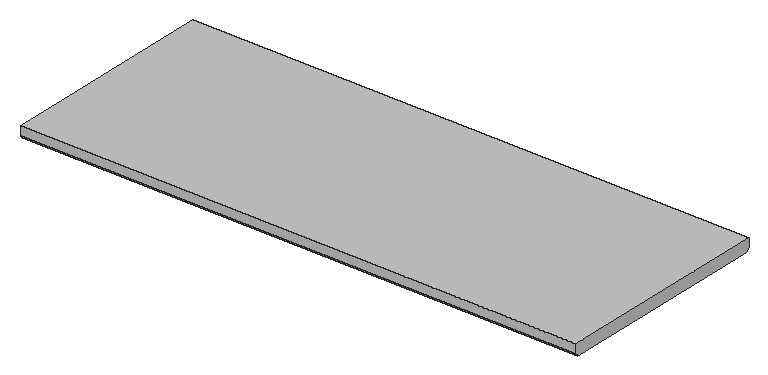
Revit family "QF_ELECTROLUXPROFESSIONAL_121124_TPLA18", category Attrezzature speciali, Revit 2020
Family settings
  Quota connettore circolare = Usa diametro
  Tipo di parte = Normale
  Basato su piano di lavoro = No
  Sempre verticale = Sì
  Taglio con vuoti quando caricato = No
  Condiviso = No
  Punto di calcolo locali = No
Parameters (values of type "Standard")
  Weight = 58.00 kg
  Watts = 0 W
  Volts = 0 V
  URL Manufacturer = "https://www.electroluxprofessional.com/"
  URL = "https://www.electroluxprofessional.com/"
  Steam Supply Size = 0 mm
  Steam Supply Minimum Pressure = 0.0 Pa
  Steam Supply Maximum Pressure = 0.0 Pa
  Steam Consumption per Hour = 0
  Refrigeration Suction Line Size = 0.0 mm
  Refrigeration Liquid Line Size = 0.0 mm
  Refrigerant Compressor Remote = yes
  Prospetto di default = 0.0 mm
  Phase = 0
  Modello = "TPLA18"
  Produttore = "Electrolux Professional"
  Length Actual = 1800.0 mm  # constant formula
  Item Number = "121124"
  Hot Water Size = 0 mm
  Height Actual = 40.0 mm  # constant formula
  HP = "0 HP"
  Gas Size = 0 mm
  Gas KW = 0
  Gas Input Pressure = 0 W
  Direct Waste Size = 0 mm
  Descrizione = "WORK TOP 1800MM"
  Depth Actual = 700.0 mm  # constant formula
  Cycle = 0 Hz
  Condensate Return Size = 0 mm
  Compressed Air Volume = 0.0 L/s
  Compressed Air Size = 0 mm
  Compressed Air Pressure = 0.0 Pa
  Cold Water Size = 0 mm
  Accessory = yes
Reference planes
  plane 1 "Center (Front/Back)": y = 0
  plane 2: z = 0
  plane 3 "Center (Left/Right)": x = -400
  plane 4 "LEFT": x = -1300
  plane 5 "RIGHT": x = 500
  plane 6 "BACK": y = 350
  plane 7 "FRONT": y = -350
  plane 8 "TOP": z = 860
  plane 9 "BaseTop": z = 900
Forms (mm)
  Extrusion 1, solid, material "QF_Finishes_Stainless Steel"
    sketch origin (-400, 0, 0) x (0, 1, 0) y (0, 0, 1)
      loop
        line (-350, 900) -> (-350, 870) -> (-340, 860) -> (340, 860) -> (350, 870) -> (350, 900) -> (-350, 900)
    from 900 to -900
Lines and regions (mm)
  symbolic lines
    curve 1: line (500, 350, 860) -> (-1300, 350, 860)
    curve 2: line (-1300, 350, 860) -> (-1300, -350, 860)
    curve 3: line (-1300, -350, 860) -> (500, -350, 860)
    curve 4: line (500, -350, 860) -> (500, 350, 860)
Dimensions and locks
  plane 4 "LEFT" to plane 5 "RIGHT" = 1800.0 mm
  equal spacing: plane 4 "LEFT", plane 3 "Center (Left/Right)", plane 5 "RIGHT"
  plane 6 "BACK" to plane 7 "FRONT" = 700.0 mm
  equal spacing: plane 6 "BACK", plane 1 "Center (Front/Back)", plane 7 "FRONT"
  locked: plane 9 "BaseTop" to plane 8 "TOP" at 40
  plane 8 "TOP" to level = 860.0 mm
  aligned and locked: level to plane 2
  aligned and locked: Extrusion 1 to plane 4 "LEFT"
  aligned and locked: plane 5 "RIGHT" to Extrusion 1
  aligned and locked: curve 2 to plane 4 "LEFT"
  aligned and locked: plane 9 "BaseTop" to Extrusion 1 sketch curve
Automatic sketch dimensions
  curve 3 to plane 7 "FRONT" = 0.0 mm
  curve 4 to plane 6 "BACK" = 0.0 mm
  curve 4 to plane 5 "RIGHT" = 0.0 mm
  Extrusion 1 sketch curve to plane 7 "FRONT" = 0.0 mm
  level to Extrusion 1 sketch curve = 860.0 mm
  Extrusion 1 sketch curve to plane 6 "BACK" = 0.0 mm
  plane 7 "FRONT" to Extrusion 1 sketch curve = 10.0 mm
  level to Extrusion 1 sketch curve = 870.0 mm  (x2)
  Extrusion 1 sketch curve to plane 6 "BACK" = 10.0 mm
